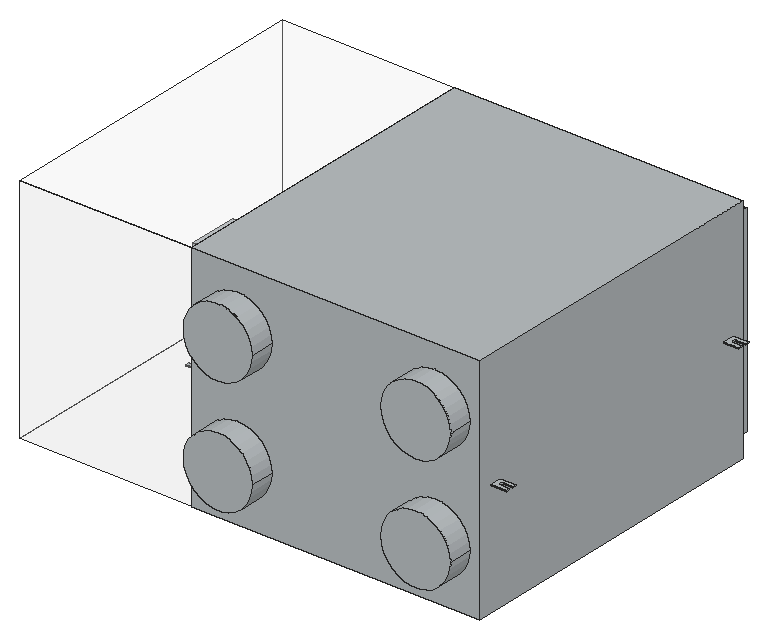
Revit family "lgh-n150_200rxv2d_50Hz", category 機械設備, Revit 2019
Family settings
  丸型コネクタ寸法 = 直径を使用
  パーツ タイプ = 標準
  OmniClass 番号 = 23.75.10.34.21
  OmniClass タイトル = Heat Exchangers for Ventilation Air
  作業面ベース = いいえ
  常に垂直 = はい
  ロード時にボイドで切り取り = いいえ
  共有 = いいえ
  部屋計算ポイント = はい
Parameters (values of type "LGH-N150RXV2D")
  騒音レベル(dB(A)) = 38.5
  風量 = SMAX風量  # 1500.0 m³/h
  面風速 = 8.5 m/s
  電源種別 [instance] = "一般"
  電圧 = 200 V
  電動機出力 = 0 W
  集中コントローラ = ""
  運転質量 = 0.00 kg
  連動 [instance] = ""
  質量 = if(製品質量 > 運転質量, 製品質量, 運転質量) * 1.2  # 127.20 kg
  負荷分類 = 3_ファン類
  説明 = "業務用ロスナイ 天井埋込形 DCマイコン"
  設計風量 = SMAX風量  # 1500.0 m³/h
  設置方法 = "天井吊(隠ぺい)形"
  記号 [instance] = ""
  製造元 = "MITSIBISHI ELECTRIC"
  製品質量 = 106.00 kg
  製品出荷対象 = "国内"
  製品リリース年月 = "2023/5/15"
  製品グループ = ""
  系統 [instance] = ""
  符号 = "HEU"
  積算_科目 = "1 空気調和設備"
  積算_拾い区分 [instance] = ""
  相 = 1
  盤記号 [instance] = ""
  発停方法 [instance] = ""
  特殊仕様 [instance] = ""
  点検口高さ = -Height  # -808 mm
  点検口離隔 = 150 mm
  点検口_Depth = 450 mm
  点検口 = yes
  火災停止 [instance] = ""
  温度交換効率 = 74.00%
  消費電力 = 900 W
  法定耐用年数 = "15"
  機外静圧_排気 = SMAX静圧  # 275.0 Pa
  機外静圧 = SMAX静圧  # 275.0 Pa
  極数 = 3
  材質 [instance] = ""
  本体マテリアル = 溶融亜鉛めっき鋼板
  操作・制御方式 = ""
  操作・制御スイッチ = ""
  排気量 = SMAX風量  # 1500.0 m³/h
  形式 = "天井埋込ダクト形"
  幹線記号 [instance] = ""
  対象室 [instance] = ""
  実風量 = SMAX風量  # 1500.0 m³/h
  始動方式 [instance] = "直入"
  天吊金具_径 = 15 mm
  天吊金具_幅 = 30 mm
  外気量 = SMAX風量  # 1500.0 m³/h
  呼称 = "全熱交換ユニット"
  周波数 = 50 Hz
  天吊金具ピッチ2 = 1015 mm
  天吊金具ピッチ1 = 1057 mm
  天吊金具_高さ = 404 mm
  参照している仕様書等のバージョン = ""
  初期抵抗 = 0.0 Pa
  分類コード = "50052504100070"
  分類グループ = ""
  価格 = 1170000
  企業コード = "108420"
  付属品_フィルター_還気 = ""
  付属品_フィルター = ""
  付属品 [instance] = ""
  仕様書バージョン = "Version1.0"
  モデル = "LGH-N150RXV2D"
  メンテナンススペース = yes
  ダクト高 = 700 mm
  ダクト径 = 250 mm
  ダクト幅 = 270 mm
  コメント [instance] = ""
  Keynote = ""
  エンタルピ交換効率_暖房 = 76.00%
  エンタルピ交換効率_冷房 = 66.00%
  Assembly Code = ""
  Width = 1004 mm
  Version = ""
  Uniclass2015Version = "Systems v1.9"
  Uniclass2015Title = "Thermal wheels"
  Uniclass2015Code = "Pr_60_60_36_88"
  URL = "https://www.mitsubishielectric.co.jp/ldg/wink/qr/002/324414/"
  SpecificationReference = ""
  SpecificationDescription = ""
  SMAX風量 = 1500.0 m³/h
  SMAX静圧 = 275.0 Pa
  SAサイズ_D = 242 mm
  Revision = ""
  RAサイズ_D = 242 mm
  ProductInformation = ""
  OmniClassCode = "23-27 23 19 11"
  OAサイズ_W = 270 mm
  OAサイズ_D = 700 mm
  MIN風量 = 660.0 m³/h
  MIN静圧 = 47.0 Pa
  MID風量 = 1080.0 m³/h
  MID静圧 = 127.0 Pa
  MAX風量 = 1500.0 m³/h
  MAX静圧 = 245.0 Pa
  IfcTypeProduct = ""
  IfcProduct = ""
  IfcExportType = "ROTARYWHEEL"
  IfcExportAs = "IfcAirToAirHeatRecoveryType"
  Height = 808 mm
  EAサイズ_W = 270 mm
  EAサイズ_D = 700 mm
  Duct_Pitch = 690 mm
  Duct_Height = 202 mm
  Duct_Depth_SA_RA = 84 mm
  Duct_Depth_OA_EA = 49 mm
  Depth = 1144 mm
  Clearance Top = 0 mm
  Clearance Left = 600 mm
  Clearance Bottom = 0 mm
  Box_Width = 175 mm
  Box_Height = 669 mm
  Box_H = 88 mm
  Box_Depth = 115 mm
  Box_W = 145 mm
  Author = "MITSUBISHI ELECTRIC"
Types (2, lengths in mm): name | 騒音レベル(dB(A)) | 風量 | 面風速 | 質量 | 設計風量 | 製品質量 | 温度交換効率 | 消費電力 | 機外静圧_排気 | 機外静圧 | 排気量 | 実風量 | 外気量 | 天吊金具ピッチ1 | 価格 | モデル | エンタルピ交換効率_暖房 | エンタルピ交換効率_冷房 | Width | URL | SMAX風量 | SMAX静圧 | MIN風量 | MIN静圧 | MID風量 | MID静圧 | MAX風量 | MAX静圧 | Duct_Pitch
  LGH-N150RXV2D | 38.5 | 1500.0 m³/h | 8.5 m/s | 127.20 kg | 1500.0 m³/h | 106.00 kg | 74.00% | 900 W | 275.0 Pa | 275.0 Pa | 1500.0 m³/h | 1500.0 m³/h | 1500.0 m³/h | 1057 | 1170000 | "LGH-N150RXV2D" | 76.00% | 66.00% | 1004 | "https://www.mitsubishielectric.co.jp/ldg/wink/qr/002/324414/" | 1500.0 m³/h | 275.0 Pa | 660.0 m³/h | 47.0 Pa | 1080.0 m³/h | 127.0 Pa | 1500.0 m³/h | 245.0 Pa | 690
  LGH-N200RXV2D | 41 | 2000.0 m³/h | 11.3 m/s | 139.20 kg | 2000.0 m³/h | 116.00 kg | 73.00% | 1160 W | 225.0 Pa | 225.0 Pa | 2000.0 m³/h | 2000.0 m³/h | 2000.0 m³/h | 1284 | 1330000 | "LGH-N200RXV2D" | 75.00% | 65.00% | 1231 | "https://www.mitsubishielectric.co.jp/ldg/wink/qr/002/324416/" | 2000.0 m³/h | 225.0 Pa | 880.0 m³/h | 32.0 Pa | 1440.0 m³/h | 86.0 Pa | 2000.0 m³/h | 165.0 Pa | 917
Reference planes
  plane 1 "中心(正面/背面)": y = 0
  plane 2: z = 0
  plane 3 "中心(左/右)": x = 0
  plane 4: x = -502
  plane 5: x = 502
  plane 6: y = 572
  plane 7: y = -572
  plane 8: z = -808
  plane 9: z = -202
  plane 10: x = -345
  plane 11: x = 345
  plane 12: y = -656
  plane 13: y = 621
  plane 14: x = -586
  plane 15: x = 586
  plane 16: x = -1102
  plane 17: y = -427
  plane 18: y = -252
  plane 19: z = -88
  plane 20: z = -757
  plane 21: x = -617
  plane 22: x = -652
  plane 23: y = 225
  plane 24: x = -528.5
  plane 25: x = 528.5
  plane 26: y = 507.5
  plane 27: y = -507.5
  plane 28: y = -225
  plane 29: x = -558.5
  plane 30: y = 527.5
  plane 31: y = 487.5
  plane 32: y = -487.5
  plane 33: y = -527.5
  plane 34: z = -5
  plane 35: z = -404
  plane 36: z = -407
  plane 37: x = 558.5
  plane 38: z = -404
  plane 39: x = 480
  plane 40: x = 210
  plane 41: x = -480
  plane 42: x = -210
  plane 43: z = -54
  plane 44: z = -754
  plane 45: z = -54
  plane 46: z = -754
  plane 47: z = -606
  plane 48: z = -808
  plane 49: z = 0
Forms (mm)
  Extrusion 1, solid, material "溶融亜鉛めっき鋼板" <- "本体マテリアル", detail levels fine
    sketch origin (0, 0, 0) x (1, 0, 0) y (0, 1, 0)
      loop
        line (-502, 572) -> (-502, -572) -> (502, -572) -> (502, 572) -> (-502, 572)
    from 0 to -808
  Extrusion 2, solid, material "溶融亜鉛めっき鋼板" <- "本体マテリアル", detail levels fine
    sketch origin (502, -572, 0) x (-1, 0, 0) y (0, 0, -1)
      loop
        circle (847, 202) r 121
    from 0 to 84
  Extrusion 3, solid, material "溶融亜鉛めっき鋼板" <- "本体マテリアル", detail levels fine
    sketch origin (510, -445, 0) x (-1, 0, 0) y (0, 0, -1)
      loop
        circle (165, 202) r 121
    from 127 to 211
  Extrusion 4, solid, material "溶融亜鉛めっき鋼板" <- "本体マテリアル", detail levels fine
    sketch origin (-502, -572, 0) x (0, 1, 0) y (0, 0, -1)
      loop
        line (320, 88) -> (320, 757) -> (145, 757) -> (145, 88) -> (320, 88)
    from 0 to 115
  Extrusion 5, solid, material "溶融亜鉛めっき鋼板" <- "本体マテリアル", detail levels fine
    sketch origin (0, 0, 0) x (1, 0, 0) y (0, 1, 0)
      loop
        line (-558.5, 527.5) -> (-558.5, 515) -> (-528.5, 515)
        arc (-528.5, 515) -> (-521, 507.5) -> (-528.5, 500) r 7.5
        line (-528.5, 500) -> (-558.5, 500) -> (-558.5, 487.5) -> (-502, 487.5) -> (-502, 527.5) -> (-558.5, 527.5)
    from -404 to -407
  Extrusion 6, solid, material "溶融亜鉛めっき鋼板" <- "本体マテリアル", detail levels fine
    sketch origin (0, 0, 0) x (1, 0, 0) y (0, 1, 0)
      loop
        line (-558.5, -527.5) -> (-502, -527.5) -> (-502, -487.5) -> (-558.5, -487.5) -> (-558.5, -500) -> (-528.5, -500)
        arc (-528.5, -500) -> (-521, -507.5) -> (-528.5, -515) r 7.5
        line (-528.5, -515) -> (-558.5, -515) -> (-558.5, -527.5)
    from -404 to -407
  Extrusion 7, solid, material "溶融亜鉛めっき鋼板" <- "本体マテリアル", detail levels fine
    sketch origin (0, 0, 0) x (-1, 0, 0) y (0, -1, 0)
      loop
        line (-558.5, 527.5) -> (-558.5, 515) -> (-528.5, 515)
        arc (-528.5, 515) -> (-521, 507.5) -> (-528.5, 500) r 7.5
        line (-528.5, 500) -> (-558.5, 500) -> (-558.5, 487.5) -> (-502, 487.5) -> (-502, 527.5) -> (-558.5, 527.5)
    from -404 to -407
  Extrusion 8, solid, material "溶融亜鉛めっき鋼板" <- "本体マテリアル", detail levels fine
    sketch origin (0, 0, 0) x (-1, 0, 0) y (0, -1, 0)
      loop
        line (-558.5, -527.5) -> (-502, -527.5) -> (-502, -487.5) -> (-558.5, -487.5) -> (-558.5, -500) -> (-528.5, -500)
        arc (-528.5, -500) -> (-521, -507.5) -> (-528.5, -515) r 7.5
        line (-528.5, -515) -> (-558.5, -515) -> (-558.5, -527.5)
    from -404 to -407
  Extrusion 9, solid, material "溶融亜鉛めっき鋼板" <- "本体マテリアル", detail levels fine
    sketch origin (0, 0, 0) x (1, 0, 0) y (0, 0, 1)
      loop
        circle (-345, -606) r 121
    from 572 to 656
  Extrusion 10, solid, material "溶融亜鉛めっき鋼板" <- "本体マテリアル", detail levels fine
    sketch origin (0, 0, 0) x (1, 0, 0) y (0, 0, 1)
      loop
        circle (345, -606) r 121
    from 572 to 656
  Extrusion 11, solid, material "溶融亜鉛めっき鋼板" <- "本体マテリアル", detail levels fine
    sketch origin (0, 0, 0) x (1, 0, 0) y (0, 0, 1)
      loop
        line (480, -754) -> (480, -54) -> (210, -54) -> (210, -754) -> (480, -754)
    from -621 to -572
  Extrusion 12, solid, material "溶融亜鉛めっき鋼板" <- "本体マテリアル", detail levels fine
    sketch origin (0, 0, 0) x (1, 0, 0) y (0, 0, 1)
      loop
        line (-480, -754) -> (-210, -754) -> (-210, -54) -> (-480, -54) -> (-480, -754)
    from -621 to -572
Lines and regions (mm)
  Masking region 1, detail levels coarse+medium
    outline origin (1326.5, 29, 0) x (1, 0, 0) y (0, 1, 0)
      loop
        line (-1828.5, 543) -> (-1828.5, -601) -> (-824.5, -601) -> (-824.5, 543) -> (-1828.5, 543)
  symbolic lines, detail levels coarse+medium
    curve 1: line (0, 572, 0) -> (-502, 0, 0)
    curve 2: line (-502, 0, 0) -> (0, -572, 0)
    curve 3: line (0, -572, 0) -> (502, 0, 0)
    curve 4: line (502, 0, 0) -> (0, 572, 0)
Dimensions and locks
  equal spacing: plane 4, plane 3 "中心(左/右)", plane 5
  "Width": plane 4 to plane 5
  equal spacing: plane 6, plane 1 "中心(正面/背面)", plane 7
  "Depth": plane 6 to plane 7
  "Height": level to plane 8
  "Duct_Height": level to plane 9
  equal spacing: plane 11, plane 3 "中心(左/右)", plane 10
  "Duct_Pitch": plane 11 to plane 10
  "Duct_Depth_OA_EA": plane 13 to plane 6
  "Duct_Depth_SA_RA": plane 7 to plane 12
  "Duct_Depth_SA_RA": plane 5 to plane 15
  "Duct_Depth_SA_RA": plane 14 to plane 4
  "Clearance Left": plane 16 to plane 4
  "Box_H": level to plane 19
  "Box_Height": plane 19 to plane 20
  "Box_W": plane 17 to plane 7
  "Box_Width": plane 18 to plane 17
  "Box_Depth": plane 21 to plane 4
  "点検口離隔": plane 22 to plane 4
  equal spacing: plane 24, plane 3 "中心(左/右)", plane 25
  "天吊金具ピッチ1": plane 24 to plane 25
  equal spacing: plane 26, plane 1 "中心(正面/背面)", plane 27
  "天吊金具ピッチ2": plane 26 to plane 27
  equal spacing: plane 23, plane 1 "中心(正面/背面)", plane 28
  "点検口_Depth": plane 23 to plane 28
  equal spacing: plane 30, plane 26, plane 31
  locked: plane 30 to plane 31 at 40
  "天吊金具_幅": plane 29 to plane 24
  "天吊金具_高さ": level to plane 35
  locked: plane 35 to plane 36 at 3
  equal spacing: plane 32, plane 27, plane 33
  locked: plane 32 to plane 33 at 40
  "天吊金具_幅": plane 25 to plane 37
  equal spacing: plane 8, plane 38, level
  equal spacing: plane 40, plane 11, plane 39
  "EAサイズ_W": plane 40 to plane 39
  equal spacing: plane 42, plane 10, plane 41
  "OAサイズ_W": plane 42 to plane 41
  equal spacing: plane 44, plane 38, plane 43
  "EAサイズ_D": plane 44 to plane 43
  "OAサイズ_D": plane 46 to plane 45
  equal spacing: plane 46, plane 38, plane 45
  "Duct_Height": plane 38 to plane 47
  "Clearance Bottom": plane 8 to plane 48
  "Clearance Top": plane 49 to level
  "RAサイズ_D": diameter of Extrusion 3 sketch curve
  "SAサイズ_D": diameter of Extrusion 9 sketch curve
  "RAサイズ_D": diameter of Extrusion 10 sketch curve
  "SAサイズ_D": diameter of Extrusion 2 sketch curve
  "天吊金具_径": diameter of Extrusion 6 sketch curve
  "天吊金具_径": diameter of Extrusion 7 sketch curve
  "天吊金具_径": diameter of Extrusion 8 sketch curve
  "天吊金具_径": diameter of Extrusion 5 sketch curve
  aligned and locked: level to plane 2
  aligned and locked: Extrusion 1 to plane 8
  aligned and locked: Extrusion 2 to plane 12
  aligned and locked: plane 7 to Extrusion 2
  aligned and locked: plane 7 to Extrusion 3
  aligned and locked: Extrusion 3 to plane 12
  aligned and locked: plane 16 to nested 1
  aligned and locked: plane 4 to nested 1
  aligned and locked: nested 1 to plane 6
  aligned and locked: nested 1 to plane 7
  aligned and locked: Extrusion 4 to plane 21
  aligned and locked: plane 4 to Extrusion 4
  aligned and locked: Masking region 1 to plane 4
  aligned and locked: plane 5 to Masking region 1
  aligned and locked: plane 6 to Masking region 1
  aligned and locked: Masking region 1 to plane 7
  aligned and locked: plane 25 to nested 2
  aligned and locked: plane 24 to nested 2
  aligned and locked: nested 2 to plane 27
  aligned and locked: plane 26 to nested 2
  aligned and locked: Extrusion 4 to plane 18
  aligned and locked: Extrusion 4 to plane 20
  aligned and locked: plane 19 to Extrusion 4
  aligned and locked: Extrusion 4 to plane 17
  aligned and locked: plane 22 to nested 3
  aligned and locked: plane 16 to nested 3
  aligned and locked: plane 23 to nested 3
  aligned and locked: nested 3 to plane 28
  aligned and locked: plane 29 to Extrusion 5 sketch curve  (x2)
  aligned and locked: Extrusion 5 sketch curve to plane 4
  aligned and locked: plane 31 to Extrusion 5 sketch curve
  aligned and locked: Extrusion 5 sketch curve to plane 30
  aligned and locked: Extrusion 5 to plane 35
  aligned and locked: Extrusion 5 to plane 36
  aligned and locked: Extrusion 6 sketch curve to plane 29  (x2)
  aligned and locked: plane 32 to Extrusion 6 sketch curve
  aligned and locked: Extrusion 6 sketch curve to plane 33
  aligned and locked: plane 4 to Extrusion 6 sketch curve
  aligned and locked: plane 35 to Extrusion 6
  aligned and locked: Extrusion 6 to plane 36
  aligned and locked: plane 37 to Extrusion 7 sketch curve  (x2)
  aligned and locked: Extrusion 7 sketch curve to plane 32
  aligned and locked: plane 33 to Extrusion 7 sketch curve
  aligned and locked: plane 5 to Extrusion 7 sketch curve
  aligned and locked: Extrusion 7 to plane 36
  aligned and locked: plane 35 to Extrusion 7
  aligned and locked: Extrusion 8 sketch curve to plane 37  (x2)
  aligned and locked: Extrusion 8 sketch curve to plane 31
  aligned and locked: plane 30 to Extrusion 8 sketch curve
  aligned and locked: Extrusion 8 sketch curve to plane 5
  aligned and locked: plane 35 to Extrusion 8
  aligned and locked: Extrusion 8 to plane 36
  aligned and locked: Extrusion 9 to plane 12
  aligned and locked: plane 7 to Extrusion 9
  aligned and locked: Extrusion 10 to plane 12
  aligned and locked: plane 7 to Extrusion 10
  aligned and locked: plane 44 to Extrusion 11 sketch curve
  aligned and locked: plane 39 to Extrusion 11 sketch curve
  aligned and locked: Extrusion 11 sketch curve to plane 43
  aligned and locked: Extrusion 11 sketch curve to plane 40
  aligned and locked: Extrusion 12 sketch curve to plane 46
  aligned and locked: Extrusion 12 sketch curve to plane 41
  aligned and locked: plane 45 to Extrusion 12 sketch curve
  aligned and locked: plane 42 to Extrusion 12 sketch curve
  aligned and locked: plane 13 to Extrusion 12
  aligned and locked: Extrusion 12 to plane 6
  aligned and locked: plane 13 to Extrusion 11
  aligned and locked: Extrusion 11 to plane 6
  aligned and locked: nested 1 to plane 48
  aligned and locked: plane 49 to nested 1
Automatic sketch dimensions
  plane 1 "中心(正面/背面)" to curve 1 = 0 mm
  curve 1 to plane 4 = 0 mm
  curve 2 to plane 3 "中心(左/右)" = 0 mm
  curve 4 to plane 3 "中心(左/右)" = 0 mm
  plane 1 "中心(正面/背面)" to curve 4 = 0 mm
  curve 4 to plane 5 = 0 mm
  curve 2 to plane 7 = 0 mm
  curve 4 to plane 6 = 0 mm
  Extrusion 1 sketch curve to plane 4 = 0 mm
  Extrusion 1 sketch curve to plane 5 = 0 mm
  Extrusion 1 sketch curve to plane 7 = 0 mm
  Extrusion 1 sketch curve to plane 6 = 0 mm
  Extrusion 3 sketch curve to plane 9 = 0 mm
  Extrusion 3 sketch curve to plane 11 = 0 mm
  Extrusion 4 sketch curve to Extrusion 1 = 145 mm
  Extrusion 1 to Extrusion 4 sketch curve = 51 mm
  Extrusion 4 sketch curve to Extrusion 4 sketch curve = 175 mm
  Extrusion 1 to Extrusion 4 sketch curve = 88 mm
  Masking region 1 sketch curve to plane 4 = 0 mm
  Masking region 1 sketch curve to plane 5 = 0 mm
  Masking region 1 sketch curve to plane 7 = 0 mm
  Masking region 1 sketch curve to plane 6 = 0 mm
  Extrusion 9 sketch curve to plane 10 = 0 mm
  Extrusion 9 sketch curve to plane 47 = 0 mm
  Extrusion 10 sketch curve to plane 11 = 0 mm
  Extrusion 10 sketch curve to plane 47 = 0 mm
  Extrusion 1 to Extrusion 2 sketch curve = 157 mm
  Extrusion 1 to Extrusion 2 sketch curve = 202 mm
  Extrusion 5 sketch curve to plane 24 = 0 mm
  Extrusion 5 sketch curve to plane 26 = 0 mm
  Extrusion 6 sketch curve to plane 24 = 0 mm
  Extrusion 6 sketch curve to plane 27 = 0 mm
  Extrusion 7 sketch curve to plane 25 = 0 mm
  Extrusion 7 sketch curve to plane 27 = 0 mm
  Extrusion 8 sketch curve to plane 25 = 0 mm
  Extrusion 8 sketch curve to plane 26 = 0 mm
Nested families
  nested 1: "メンテナンススペース" at (-802, 0, -404), visible <- "メンテナンススペース", type "メンテナンススペース"
    with Width 600 mm, Height 808 mm, Depth 1144 mm
  nested 2: "固定点" at (-528.5, -507.5, 0), type "固定点"
    with W 1057 mm, D 1015 mm
  nested 3: "点検口設置範囲" at (-877, 0, -808), built-in parameter 1001364 <- "点検口高さ", visible <- "点検口", type "点検口設置範囲"
    with Width 450 mm, Depth 450 mm
Connectors
  hvac at (-345, -656, -202), driven by "SAサイズ_D", driven by "機外静圧", driven by "風量"
    settings: on Extrusion 2, index 1, duct flow 1500.0 m³/h, flow factor 0, pres drop 275.0 Pa, loss coef 0, conn angle 0.00°, conn width 304.8 mm, conn height 304.8 mm, conn diameter 242 mm, duct sys type 1, conn prof type 0, flow config 0, flow direction 2, loss method 4, conn ref index -1, conn util no, is conn primary yes, conn desc ""
  hvac at (345, -656, -202), driven by "RAサイズ_D", driven by "機外静圧", driven by "風量"
    settings: on Extrusion 3, index 2, duct flow 1500.0 m³/h, flow factor 0, pres drop 275.0 Pa, loss coef 0, conn angle 0.00°, conn width 304.8 mm, conn height 304.8 mm, conn diameter 242 mm, duct sys type 2, conn prof type 0, flow config 0, flow direction 1, loss method 4, conn ref index -1, conn util no, is conn primary no, conn desc ""
  electrical at (-559.5, -427, -422.5), driven by "負荷分類", driven by "極数", driven by "電圧", driven by "消費電力"
    settings: on Extrusion 4, index 7, voltage 200 V, apparent load 900 VA, apparent load phase1 0 VA, apparent load phase2 0 VA, apparent load phase3 0 VA, power factor 1, load classification "3_ファン類", number of poles 3, system type 30, power factor state 1, is connector primary yes, connector utility no, sub classification motor no, connector description ""
  hvac at (-345, -656, -606), driven by "SAサイズ_D", driven by "機外静圧", driven by "風量"
    settings: on Extrusion 9, index 8, duct flow 1500.0 m³/h, flow factor 0, pres drop 275.0 Pa, loss coef 0, conn angle 0.00°, conn width 304.8 mm, conn height 304.8 mm, conn diameter 242 mm, duct sys type 1, conn prof type 0, flow config 0, flow direction 2, loss method 4, conn ref index -1, conn util no, is conn primary no, conn desc ""
  hvac at (345, -656, -606), driven by "RAサイズ_D", driven by "機外静圧", driven by "風量"
    settings: on Extrusion 10, index 9, duct flow 1500.0 m³/h, flow factor 0, pres drop 275.0 Pa, loss coef 0, conn angle 0.00°, conn width 304.8 mm, conn height 304.8 mm, conn diameter 242 mm, duct sys type 2, conn prof type 0, flow config 0, flow direction 1, loss method 4, conn ref index -1, conn util no, is conn primary no, conn desc ""
  hvac at (345, 621, -404), driven by "EAサイズ_D", driven by "EAサイズ_W", driven by "機外静圧_排気", driven by "排気量"
    settings: on Extrusion 11, index 10, duct flow 1500.0 m³/h, flow factor 0, pres drop 275.0 Pa, loss coef 0, conn angle 0.00°, conn width 270 mm, conn height 700 mm, conn diameter 609.6 mm, duct sys type 3, conn prof type 1, flow config 0, flow direction 2, loss method 4, conn ref index -1, conn util no, is conn primary no, conn desc ""
  hvac at (-345, 621, -404), driven by "OAサイズ_W", driven by "OAサイズ_D", driven by "機外静圧", driven by "風量"
    settings: on Extrusion 12, index 11, duct flow 1500.0 m³/h, flow factor 0, pres drop 275.0 Pa, loss coef 0, conn angle 0.00°, conn width 270 mm, conn height 700 mm, conn diameter 609.6 mm, duct sys type 4, conn prof type 1, flow config 0, flow direction 1, loss method 4, conn ref index -1, conn util no, is conn primary no, conn desc ""
Definition of nested family "メンテナンススペース"
  Parameters (values of type "メンテナンススペース")
    Width [instance] = 500 mm
    Height [instance] = 500 mm
    Depth [instance] = 500 mm
  Reference planes
    plane 1 "中心(正面/背面)": y = 0
    plane 2: z = 0
    plane 3 "中心(左/右)": x = 0
    plane 4: y = -250
    plane 5: x = 250
    plane 6: y = 250
    plane 7: x = -250
    plane 8: z = 250
    plane 9: z = -250
  Forms (mm)
    Extrusion 1, solid
      sketch origin (-638.939, 0, 72.39) x (1, 0, 0) y (0, 1, 0)
        loop
          line (388.939, 250) -> (388.939, -250) -> (888.939, -250) -> (888.939, 250) -> (388.939, 250)
      from -322.39 to 177.61
  Lines and regions (mm)
    symbolic lines
      curve 1: line (-250, 0, 250) -> (250, 0, 250)
      curve 2: line (-250, 0, -250) -> (-250, 0, 250)
      curve 3: line (250, 0, -250) -> (-250, 0, -250)
      curve 4: line (250, 0, 250) -> (250, 0, -250)
      curve 5: line (0, -250, 250) -> (0, 250, 250)
      curve 6: line (0, -250, -250) -> (0, -250, 250)
      curve 7: line (0, 250, -250) -> (0, -250, -250)
      curve 8: line (0, 250, 250) -> (0, 250, -250)
      curve 9: line (-250, 250, 0) -> (250, 250, 0)
      curve 10: line (-250, -250, 0) -> (-250, 250, 0)
      curve 11: line (250, -250, 0) -> (-250, -250, 0)
      curve 12: line (250, 250, 0) -> (250, -250, 0)
  Dimensions and locks
    equal spacing: plane 7, plane 3 "中心(左/右)", plane 5
    equal spacing: plane 4, plane 1 "中心(正面/背面)", plane 6
    "Depth": plane 4 to plane 6
    "Width": plane 7 to plane 5
    equal spacing: plane 8, plane 2, plane 9
    "Height": plane 8 to plane 9
    aligned and locked: plane 9 to curve 3
    aligned and locked: plane 7 to curve 2
    aligned and locked: curve 4 to plane 5
    aligned and locked: plane 5 to Extrusion 1
    aligned and locked: Extrusion 1 to plane 7
    aligned and locked: Extrusion 1 to plane 9
    aligned and locked: plane 8 to Extrusion 1
    aligned and locked: plane 9 to curve 7
  Automatic sketch dimensions
    plane 4 to Extrusion 1 sketch curve = 0 mm
    Extrusion 1 sketch curve to plane 7 = 0 mm
    Extrusion 1 sketch curve to plane 5 = 0 mm
    plane 6 to Extrusion 1 sketch curve = 0 mm
    curve 2 to plane 8 = 0 mm
    plane 4 to curve 11 = 0 mm
    curve 11 to plane 7 = 0 mm
    curve 11 to plane 5 = 0 mm
    plane 6 to curve 10 = 0 mm
    curve 7 to plane 4 = 0 mm
    curve 7 to plane 6 = 0 mm
    curve 6 to plane 8 = 0 mm
Definition of nested family "固定点"
  Parameters (values of type "固定点")
    中心円 = 20 mm
    W [instance] = 1000 mm
    D [instance] = 1000 mm
  Reference planes
    plane 1 "中心(正面/背面)": y = 0
    plane 2: z = 0
    plane 3 "中心(左/右)": x = 0
    plane 4: x = 1000
    plane 5: y = 1000
  Lines and regions (mm)
    symbolic lines, detail levels fine
      curve 1: circle (0, 1000, 0) r 10 normal (0, 0, 1)
      curve 2: circle (0, 0, 0) r 10 normal (0, 0, 1)
      curve 3: circle (1000, 1000, 0) r 10 normal (0, 0, 1)
      curve 4: circle (1000, 0, 0) r 10 normal (0, 0, 1)
      curve 5: line (-200, 1000, 0) -> (1200, 1000, 0)
      curve 6: line (-200, 0, 0) -> (1200, 0, 0)
      curve 7: line (0, 1200, 0) -> (0, -200, 0)
      curve 8: line (1000, 1200, 0) -> (1000, -200, 0)
  Dimensions and locks
    "W": plane 3 "中心(左/右)" to plane 4
    "D": plane 1 "中心(正面/背面)" to plane 5
    "中心円": diameter of curve 1
    "中心円": diameter of curve 2
    "中心円": diameter of curve 3
    "中心円": diameter of curve 4
    aligned and locked: level to plane 2
    aligned and locked: plane 5 to curve 1
    aligned and locked: plane 3 "中心(左/右)" to curve 1
    aligned and locked: plane 3 "中心(左/右)" to curve 2
    aligned and locked: plane 1 "中心(正面/背面)" to curve 2
    aligned and locked: plane 4 to curve 3
    aligned and locked: plane 5 to curve 3
    aligned and locked: plane 1 "中心(正面/背面)" to curve 4
    aligned and locked: plane 4 to curve 4
    aligned and locked: plane 1 "中心(正面/背面)" to curve 6
    aligned and locked: curve 7 to plane 3 "中心(左/右)"
    aligned and locked: curve 8 to plane 4
  Automatic sketch dimensions
    curve 5 to plane 5 = 0 mm
    curve 6 to plane 3 "中心(左/右)" = 200 mm
    curve 5 to plane 3 "中心(左/右)" = 200 mm
    curve 4 to curve 6 = 200 mm
    curve 3 to curve 5 = 200 mm
    plane 1 "中心(正面/背面)" to curve 8 = 200 mm
    plane 1 "中心(正面/背面)" to curve 7 = 200 mm
    curve 3 to curve 8 = 200 mm
    curve 1 to curve 7 = 200 mm
Definition of nested family "点検口設置範囲"
  Parameters (values of type "点検口設置範囲")
    Width [instance] = 1000 mm
    Depth [instance] = 700 mm
  Reference planes
    plane 1 "中心(正面/背面)": y = 0
    plane 2: z = 0
    plane 3 "中心(左/右)": x = 0
    plane 4: x = -500
    plane 5: x = 500
    plane 6: y = -350
    plane 7: y = 350
  Lines and regions (mm)
    model lines
      curve 1: line (-500, 350, 0) -> (500, 350, 0)
      curve 2: line (-500, -350, 0) -> (-500, 350, 0)
      curve 3: line (500, -350, 0) -> (-500, -350, 0)
      curve 4: line (500, 350, 0) -> (500, -350, 0)
  Dimensions and locks
    "Depth": plane 7 to plane 6
    "Width": plane 4 to plane 5
    equal spacing: plane 7, plane 1 "中心(正面/背面)", plane 6
    equal spacing: plane 4, plane 3 "中心(左/右)", plane 5
    aligned and locked: level to plane 2
    aligned and locked: plane 4 to curve 2
    aligned and locked: curve 1 to plane 7
    aligned and locked: curve 4 to plane 5
    aligned and locked: plane 6 to curve 3
